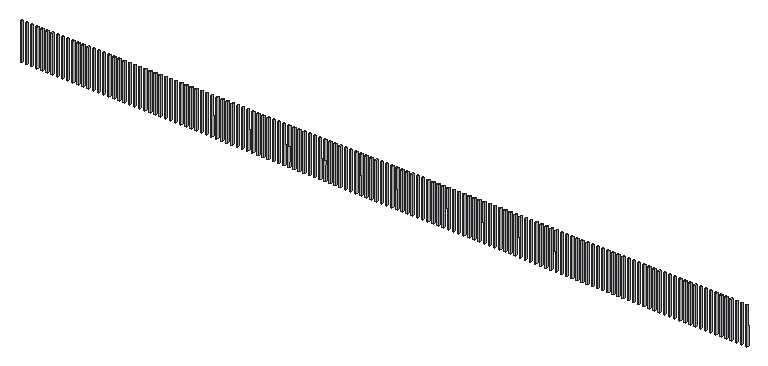
Revit family "Nedsale_kombidakvoet_Generic Model_2017", category Generic Models, Revit 2017
Family settings
  Can host rebar = No
  Round Connector Dimension = Use Diameter
  Part Type = Normal
  Work Plane-Based = Yes
  Always vertical = No
  Cut with Voids When Loaded = No
  Shared = No
  Room Calculation Point = No
Parameters
  kamlengte [instance] = 50 mm
  kam [instance] = yes
  gootlengte = 1000 mm
  URL = "www.w3d-tekenbureau.nl"
  Manufacturer = "Nedsale BV"
  Description = "Venti-panlat"
  Default Elevation = 0 mm
Reference planes
  plane 1 "Center (Front/Back)": y = 0
  plane 2: z = 0
  plane 3 "Center (Left/Right)": x = 0
Dimensions and locks
  aligned and locked: level to plane 2
Nested families
  nested 1: "Nedsale_dakvoet_kam_Generic Model_2015" at (0, -1.944, 2.135) x (0, 1, 0.0012) z (1, 0, 0), kamlengte <- "kamlengte", visible <- "kam", type "Nedsale_dakvoet_kam_Generic Model_2015"
    with lengte 1000 mm, kamlengte 50 mm
Definition of nested family "Nedsale_dakvoet_kam_Generic Model_2015"
  Parameters (values of type "Nedsale_dakvoet_kam_Generic Model_2015")
    lengte [instance] = 1000 mm
    kamlengte [instance] = 100 mm
    Default Elevation = 1219.2 mm
  Reference planes
    plane 1 "Center (Front/Back)": y = 0
    plane 2: z = 0
    plane 3 "Center (Left/Right)": x = 0
    plane 4: z = 1000
    plane 5: y = 100
  Forms (mm)
    Extrusion 1, solid, not visible
      sketch origin (16.066, 0, 14.15) x (1, 0, 0) y (0, 0, 1)
        loop
          line (-37.407, -148.881) -> (-30.423, -154.968) -> (-29.005, -153.551) -> (-35.169, -148.178) -> (-30.362, -128.983) -> (-35.435, -109.159) -> (-30.355, -88.999) -> (-35.464, -69.11) -> (-30.218, -49.058) -> (-35.198, -29.831) -> (-17.062, -12.359) -> (-8.518, -7.171) -> (-9.557, -5.462) -> (-18.29, -10.765) -> (-37.427, -29.201) -> (-32.284, -49.056) -> (-37.53, -69.105) -> (-32.419, -89.004) -> (-37.498, -109.163) -> (-32.425, -128.989) -> (-37.407, -148.881)
      from 0 to 980
    Extrusion 2, solid
      sketch origin (0, 0, 0) x (0, 1, 0) y (0, 0, 1)
        loop
          line (0, 995) -> (0, 993) -> (100, 993) -> (100, 995) -> (0, 995)
        loop
          line (0, 988) -> (0, 986) -> (100, 986) -> (100, 988) -> (0, 988)
        loop
          line (0, 981) -> (0, 979) -> (100, 979) -> (100, 981) -> (0, 981)
        loop
          line (0, 974) -> (0, 972) -> (100, 972) -> (100, 974) -> (0, 974)
        loop
          line (0, 967) -> (0, 965) -> (100, 965) -> (100, 967) -> (0, 967)
        loop
          line (0, 960) -> (0, 958) -> (100, 958) -> (100, 960) -> (0, 960)
        loop
          line (0, 953) -> (0, 951) -> (100, 951) -> (100, 953) -> (0, 953)
        loop
          line (0, 946) -> (0, 944) -> (100, 944) -> (100, 946) -> (0, 946)
        loop
          line (0, 939) -> (0, 937) -> (100, 937) -> (100, 939) -> (0, 939)
        loop
          line (0, 932) -> (0, 930) -> (100, 930) -> (100, 932) -> (0, 932)
        loop
          line (0, 925) -> (0, 923) -> (100, 923) -> (100, 925) -> (0, 925)
        loop
          line (0, 918) -> (0, 916) -> (100, 916) -> (100, 918) -> (0, 918)
        loop
          line (0, 911) -> (0, 909) -> (100, 909) -> (100, 911) -> (0, 911)
        loop
          line (0, 904) -> (0, 902) -> (100, 902) -> (100, 904) -> (0, 904)
        loop
          line (0, 897) -> (0, 895) -> (100, 895) -> (100, 897) -> (0, 897)
        loop
          line (0, 890) -> (0, 888) -> (100, 888) -> (100, 890) -> (0, 890)
        loop
          line (0, 883) -> (0, 881) -> (100, 881) -> (100, 883) -> (0, 883)
        loop
          line (0, 876) -> (0, 874) -> (100, 874) -> (100, 876) -> (0, 876)
        loop
          line (0, 869) -> (0, 867) -> (100, 867) -> (100, 869) -> (0, 869)
        loop
          line (0, 862) -> (0, 860) -> (100, 860) -> (100, 862) -> (0, 862)
        loop
          line (0, 855) -> (0, 853) -> (100, 853) -> (100, 855) -> (0, 855)
        loop
          line (0, 848) -> (0, 846) -> (100, 846) -> (100, 848) -> (0, 848)
        loop
          line (0, 841) -> (0, 839) -> (100, 839) -> (100, 841) -> (0, 841)
        loop
          line (0, 834) -> (0, 832) -> (100, 832) -> (100, 834) -> (0, 834)
        loop
          line (0, 827) -> (0, 825) -> (100, 825) -> (100, 827) -> (0, 827)
        loop
          line (0, 820) -> (0, 818) -> (100, 818) -> (100, 820) -> (0, 820)
        loop
          line (0, 813) -> (0, 811) -> (100, 811) -> (100, 813) -> (0, 813)
        loop
          line (0, 806) -> (0, 804) -> (100, 804) -> (100, 806) -> (0, 806)
        loop
          line (0, 799) -> (0, 797) -> (100, 797) -> (100, 799) -> (0, 799)
        loop
          line (0, 792) -> (0, 790) -> (100, 790) -> (100, 792) -> (0, 792)
        loop
          line (0, 785) -> (0, 783) -> (100, 783) -> (100, 785) -> (0, 785)
        loop
          line (0, 778) -> (0, 776) -> (100, 776) -> (100, 778) -> (0, 778)
        loop
          line (0, 771) -> (0, 769) -> (100, 769) -> (100, 771) -> (0, 771)
        loop
          line (0, 764) -> (0, 762) -> (100, 762) -> (100, 764) -> (0, 764)
        loop
          line (0, 757) -> (0, 755) -> (100, 755) -> (100, 757) -> (0, 757)
        loop
          line (0, 750) -> (0, 748) -> (100, 748) -> (100, 750) -> (0, 750)
        loop
          line (0, 743) -> (0, 741) -> (100, 741) -> (100, 743) -> (0, 743)
        loop
          line (0, 736) -> (0, 734) -> (100, 734) -> (100, 736) -> (0, 736)
        loop
          line (0, 729) -> (0, 727) -> (100, 727) -> (100, 729) -> (0, 729)
        loop
          line (0, 722) -> (0, 720) -> (100, 720) -> (100, 722) -> (0, 722)
        loop
          line (0, 715) -> (0, 713) -> (100, 713) -> (100, 715) -> (0, 715)
        loop
          line (0, 708) -> (0, 706) -> (100, 706) -> (100, 708) -> (0, 708)
        loop
          line (0, 701) -> (0, 699) -> (100, 699) -> (100, 701) -> (0, 701)
        loop
          line (0, 694) -> (0, 692) -> (100, 692) -> (100, 694) -> (0, 694)
        loop
          line (0, 687) -> (0, 685) -> (100, 685) -> (100, 687) -> (0, 687)
        loop
          line (0, 680) -> (0, 678) -> (100, 678) -> (100, 680) -> (0, 680)
        loop
          line (0, 673) -> (0, 671) -> (100, 671) -> (100, 673) -> (0, 673)
        loop
          line (0, 666) -> (0, 664) -> (100, 664) -> (100, 666) -> (0, 666)
        loop
          line (0, 659) -> (0, 657) -> (100, 657) -> (100, 659) -> (0, 659)
        loop
          line (0, 652) -> (0, 650) -> (100, 650) -> (100, 652) -> (0, 652)
        loop
          line (0, 645) -> (0, 643) -> (100, 643) -> (100, 645) -> (0, 645)
        loop
          line (0, 638) -> (0, 636) -> (100, 636) -> (100, 638) -> (0, 638)
        loop
          line (0, 631) -> (0, 629) -> (100, 629) -> (100, 631) -> (0, 631)
        loop
          line (0, 624) -> (0, 622) -> (100, 622) -> (100, 624) -> (0, 624)
        loop
          line (0, 617) -> (0, 615) -> (100, 615) -> (100, 617) -> (0, 617)
        loop
          line (0, 610) -> (0, 608) -> (100, 608) -> (100, 610) -> (0, 610)
        loop
          line (0, 603) -> (0, 601) -> (100, 601) -> (100, 603) -> (0, 603)
        loop
          line (0, 596) -> (0, 594) -> (100, 594) -> (100, 596) -> (0, 596)
        loop
          line (0, 589) -> (0, 587) -> (100, 587) -> (100, 589) -> (0, 589)
        loop
          line (0, 582) -> (0, 580) -> (100, 580) -> (100, 582) -> (0, 582)
        loop
          line (0, 575) -> (0, 573) -> (100, 573) -> (100, 575) -> (0, 575)
        loop
          line (0, 568) -> (0, 566) -> (100, 566) -> (100, 568) -> (0, 568)
        loop
          line (0, 561) -> (0, 559) -> (100, 559) -> (100, 561) -> (0, 561)
        loop
          line (0, 554) -> (0, 552) -> (100, 552) -> (100, 554) -> (0, 554)
        loop
          line (0, 547) -> (0, 545) -> (100, 545) -> (100, 547) -> (0, 547)
        loop
          line (0, 540) -> (0, 538) -> (100, 538) -> (100, 540) -> (0, 540)
        loop
          line (0, 533) -> (0, 531) -> (100, 531) -> (100, 533) -> (0, 533)
        loop
          line (0, 526) -> (0, 524) -> (100, 524) -> (100, 526) -> (0, 526)
        loop
          line (0, 519) -> (0, 517) -> (100, 517) -> (100, 519) -> (0, 519)
        loop
          line (0, 512) -> (0, 510) -> (100, 510) -> (100, 512) -> (0, 512)
        loop
          line (0, 505) -> (0, 503) -> (100, 503) -> (100, 505) -> (0, 505)
        loop
          line (0, 498) -> (0, 496) -> (100, 496) -> (100, 498) -> (0, 498)
        loop
          line (0, 491) -> (0, 489) -> (100, 489) -> (100, 491) -> (0, 491)
        loop
          line (0, 484) -> (0, 482) -> (100, 482) -> (100, 484) -> (0, 484)
        loop
          line (0, 477) -> (0, 475) -> (100, 475) -> (100, 477) -> (0, 477)
        loop
          line (0, 470) -> (0, 468) -> (100, 468) -> (100, 470) -> (0, 470)
        loop
          line (0, 463) -> (0, 461) -> (100, 461) -> (100, 463) -> (0, 463)
        loop
          line (0, 456) -> (0, 454) -> (100, 454) -> (100, 456) -> (0, 456)
        loop
          line (0, 449) -> (0, 447) -> (100, 447) -> (100, 449) -> (0, 449)
        loop
          line (0, 442) -> (0, 440) -> (100, 440) -> (100, 442) -> (0, 442)
        loop
          line (0, 435) -> (0, 433) -> (100, 433) -> (100, 435) -> (0, 435)
        loop
          line (0, 428) -> (0, 426) -> (100, 426) -> (100, 428) -> (0, 428)
        loop
          line (0, 421) -> (0, 419) -> (100, 419) -> (100, 421) -> (0, 421)
        loop
          line (0, 414) -> (0, 412) -> (100, 412) -> (100, 414) -> (0, 414)
        loop
          line (0, 407) -> (0, 405) -> (100, 405) -> (100, 407) -> (0, 407)
        loop
          line (0, 400) -> (0, 398) -> (100, 398) -> (100, 400) -> (0, 400)
        loop
          line (0, 393) -> (0, 391) -> (100, 391) -> (100, 393) -> (0, 393)
        loop
          line (0, 386) -> (0, 384) -> (100, 384) -> (100, 386) -> (0, 386)
        loop
          line (0, 379) -> (0, 377) -> (100, 377) -> (100, 379) -> (0, 379)
        loop
          line (0, 372) -> (0, 370) -> (100, 370) -> (100, 372) -> (0, 372)
        loop
          line (0, 365) -> (0, 363) -> (100, 363) -> (100, 365) -> (0, 365)
        loop
          line (0, 358) -> (0, 356) -> (100, 356) -> (100, 358) -> (0, 358)
        loop
          line (0, 351) -> (0, 349) -> (100, 349) -> (100, 351) -> (0, 351)
        loop
          line (0, 344) -> (0, 342) -> (100, 342) -> (100, 344) -> (0, 344)
        loop
          line (0, 337) -> (0, 335) -> (100, 335) -> (100, 337) -> (0, 337)
        loop
          line (0, 330) -> (0, 328) -> (100, 328) -> (100, 330) -> (0, 330)
        loop
          line (0, 323) -> (0, 321) -> (100, 321) -> (100, 323) -> (0, 323)
        loop
          line (0, 316) -> (0, 314) -> (100, 314) -> (100, 316) -> (0, 316)
        loop
          line (0, 309) -> (0, 307) -> (100, 307) -> (100, 309) -> (0, 309)
        loop
          line (0, 302) -> (0, 300) -> (100, 300) -> (100, 302) -> (0, 302)
        loop
          line (0, 295) -> (0, 293) -> (100, 293) -> (100, 295) -> (0, 295)
        loop
          line (0, 288) -> (0, 286) -> (100, 286) -> (100, 288) -> (0, 288)
        loop
          line (0, 281) -> (0, 279) -> (100, 279) -> (100, 281) -> (0, 281)
        loop
          line (0, 274) -> (0, 272) -> (100, 272) -> (100, 274) -> (0, 274)
        loop
          line (0, 267) -> (0, 265) -> (100, 265) -> (100, 267) -> (0, 267)
        loop
          line (0, 260) -> (0, 258) -> (100, 258) -> (100, 260) -> (0, 260)
        loop
          line (0, 253) -> (0, 251) -> (100, 251) -> (100, 253) -> (0, 253)
        loop
          line (0, 246) -> (0, 244) -> (100, 244) -> (100, 246) -> (0, 246)
        loop
          line (0, 239) -> (0, 237) -> (100, 237) -> (100, 239) -> (0, 239)
        loop
          line (0, 232) -> (0, 230) -> (100, 230) -> (100, 232) -> (0, 232)
        loop
          line (0, 225) -> (0, 223) -> (100, 223) -> (100, 225) -> (0, 225)
        loop
          line (0, 218) -> (0, 216) -> (100, 216) -> (100, 218) -> (0, 218)
        loop
          line (0, 211) -> (0, 209) -> (100, 209) -> (100, 211) -> (0, 211)
        loop
          line (0, 204) -> (0, 202) -> (100, 202) -> (100, 204) -> (0, 204)
        loop
          line (0, 197) -> (0, 195) -> (100, 195) -> (100, 197) -> (0, 197)
        loop
          line (0, 190) -> (0, 188) -> (100, 188) -> (100, 190) -> (0, 190)
        loop
          line (0, 183) -> (0, 181) -> (100, 181) -> (100, 183) -> (0, 183)
        loop
          line (0, 176) -> (0, 174) -> (100, 174) -> (100, 176) -> (0, 176)
        loop
          line (0, 169) -> (0, 167) -> (100, 167) -> (100, 169) -> (0, 169)
        loop
          line (0, 162) -> (0, 160) -> (100, 160) -> (100, 162) -> (0, 162)
        loop
          line (0, 155) -> (0, 153) -> (100, 153) -> (100, 155) -> (0, 155)
        loop
          line (0, 148) -> (0, 146) -> (100, 146) -> (100, 148) -> (0, 148)
        loop
          line (0, 141) -> (0, 139) -> (100, 139) -> (100, 141) -> (0, 141)
        loop
          line (0, 134) -> (0, 132) -> (100, 132) -> (100, 134) -> (0, 134)
        loop
          line (0, 127) -> (0, 125) -> (100, 125) -> (100, 127) -> (0, 127)
        loop
          line (0, 120) -> (0, 118) -> (100, 118) -> (100, 120) -> (0, 120)
        loop
          line (0, 113) -> (0, 111) -> (100, 111) -> (100, 113) -> (0, 113)
        loop
          line (0, 106) -> (0, 104) -> (100, 104) -> (100, 106) -> (0, 106)
        loop
          line (0, 99) -> (0, 97) -> (100, 97) -> (100, 99) -> (0, 99)
        loop
          line (0, 92) -> (0, 90) -> (100, 90) -> (100, 92) -> (0, 92)
        loop
          line (0, 85) -> (0, 83) -> (100, 83) -> (100, 85) -> (0, 85)
        loop
          line (0, 78) -> (0, 76) -> (100, 76) -> (100, 78) -> (0, 78)
        loop
          line (0, 71) -> (0, 69) -> (100, 69) -> (100, 71) -> (0, 71)
        loop
          line (0, 64) -> (0, 62) -> (100, 62) -> (100, 64) -> (0, 64)
        loop
          line (0, 57) -> (0, 55) -> (100, 55) -> (100, 57) -> (0, 57)
        loop
          line (0, 50) -> (0, 48) -> (100, 48) -> (100, 50) -> (0, 50)
        loop
          line (0, 43) -> (0, 41) -> (100, 41) -> (100, 43) -> (0, 43)
        loop
          line (0, 36) -> (0, 34) -> (100, 34) -> (100, 36) -> (0, 36)
        loop
          line (0, 29) -> (0, 27) -> (100, 27) -> (100, 29) -> (0, 29)
        loop
          line (0, 22) -> (0, 20) -> (100, 20) -> (100, 22) -> (0, 22)
        loop
          line (0, 15) -> (0, 13) -> (100, 13) -> (100, 15) -> (0, 15)
        loop
          line (0, 8) -> (0, 6) -> (100, 6) -> (100, 8) -> (0, 8)
      from 0 to 1.974
  Dimensions and locks
    "lengte": plane 4 to plane 2
    "kamlengte": plane 1 "Center (Front/Back)" to plane 5
    aligned and locked: level to plane 2
    aligned and locked: plane 5 to Extrusion 2
  Automatic sketch dimensions
    Extrusion 1 sketch curve to Extrusion 1 sketch curve = 0.032 mm
    Extrusion 1 sketch curve to Extrusion 1 sketch curve = 0.103 mm
    Extrusion 1 sketch curve to Extrusion 1 sketch curve = 0.092 mm
    Extrusion 1 sketch curve to Extrusion 1 sketch curve = 2.066 mm
    Extrusion 1 sketch curve to Extrusion 1 sketch curve = 2.063 mm  (x2)
    Extrusion 1 sketch curve to Extrusion 1 sketch curve = 2.229 mm
    Extrusion 1 sketch curve to Extrusion 1 sketch curve = 2.238 mm
    Extrusion 1 sketch curve to Extrusion 1 sketch curve = 2.744 mm
    Extrusion 1 sketch curve to Extrusion 1 sketch curve = 3.045 mm
    Extrusion 1 sketch curve to Extrusion 1 sketch curve = 2.914 mm
    Extrusion 1 sketch curve to Extrusion 1 sketch curve = 4.746 mm
    Extrusion 1 sketch curve to Extrusion 1 sketch curve = 2.064 mm
    Extrusion 1 sketch curve to Extrusion 1 sketch curve = 2.067 mm
    Extrusion 1 sketch curve to Extrusion 1 sketch curve = 1.418 mm  (x2)
    Extrusion 1 sketch curve to Extrusion 1 sketch curve = 16.908 mm
    Extrusion 1 sketch curve to Extrusion 1 sketch curve = 1.228 mm
    Extrusion 1 sketch curve to Extrusion 1 sketch curve = 7.505 mm
    Extrusion 1 sketch curve to Extrusion 1 sketch curve = 1.038 mm
    Extrusion 1 sketch curve to Extrusion 1 sketch curve = 6.087 mm
    Extrusion 1 sketch curve to Extrusion 1 sketch curve = 0.703 mm
    Extrusion 1 sketch curve to Extrusion 1 sketch curve = 19.19 mm
    Extrusion 1 sketch curve to Extrusion 1 sketch curve = 0.005 mm  (x3)
    Extrusion 1 sketch curve to Extrusion 1 sketch curve = 19.825 mm
    Extrusion 1 sketch curve to Extrusion 1 sketch curve = 0.004 mm
    Extrusion 1 sketch curve to Extrusion 1 sketch curve = 20.156 mm
    Extrusion 1 sketch curve to Extrusion 1 sketch curve = 19.894 mm
    Extrusion 1 sketch curve to Extrusion 1 sketch curve = 20.052 mm
    Extrusion 1 sketch curve to Extrusion 1 sketch curve = 0.003 mm
    Extrusion 1 sketch curve to Extrusion 1 sketch curve = 19.225 mm
    Extrusion 1 sketch curve to Extrusion 1 sketch curve = 0.63 mm
    Extrusion 1 sketch curve to Extrusion 1 sketch curve = 17.472 mm
    Extrusion 1 sketch curve to Extrusion 1 sketch curve = 1.594 mm
    Extrusion 2 sketch curve to plane 5 = 0 mm  (x142)
    Extrusion 2 sketch curve to plane 1 "Center (Front/Back)" = 0 mm  (x142)
    Extrusion 2 sketch curve to plane 4 = 5 mm
    Extrusion 2 sketch curve to Extrusion 2 sketch curve = 2 mm  (x142)
    Extrusion 2 sketch curve to Extrusion 2 sketch curve = 5 mm  (x141)
